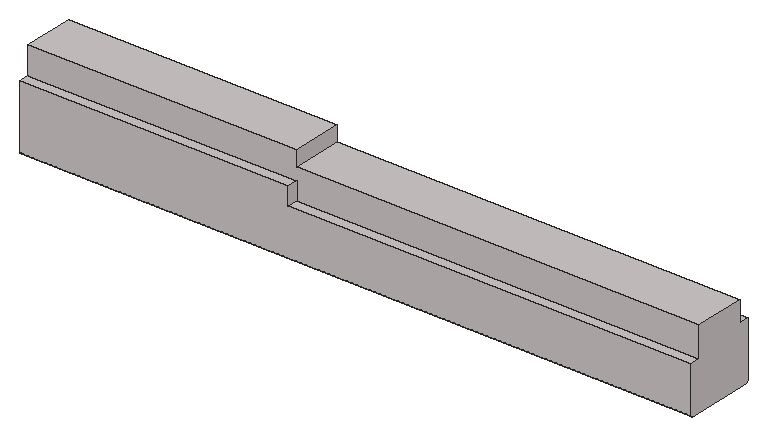
Revit family "034100 - Precast Structural Concrete - Inverted Tee - Stepped Beam", category Structural Framing, Revit 2019
Family settings
  Display in Hidden Views = Edges Hidden by Other Members
  Structural Framing Length Roundoff = 0' - 0 1/16"
  Section Shape = Not Defined
  Material for Model Behavior = Precast Concrete
  Always export as geometry = No
  Always vertical = Yes
  Cut with Voids When Loaded = No
  Symbolic Representation = From Family
  Shared = No
  Show family pre-cut in plan views = Yes
Parameters (values of type "IT 28WX32D / IT28WX38D (11"F & 14"B SHELF)")
  tall beam - depth = 3' - 1"
  short beam - depth = 2' - 7"
  shelf - tall beam - front shelf = 0' - 11"
  shelf - tall beam - back shelf = 1' - 2"
  shelf - short beam - front shelf = 1' - 0"
  shelf - short beam - back shelf = 0' - 8"
  gap - front/back = 0' - 1"
  Structural Material [instance] = PRECAST INVERTED TEE
  Shelf Width - Front = 0' - 4"
  Shelf Width - Back = 0' - 4"
  OD_Attribution = "xcengineering.xyz, diocingenieria.com, openingdesign.com"
  Long. B Zone [instance] = 13' - 2 1/2"
  BeamChange [instance] = 8' - 0"  # constant formula
  Beam Width = 2' - 4"
  Assembly Code = ""
  Length [instance] = 22' - 8.04912"
Types (5): name | short beam - depth | shelf - tall beam - back shelf | shelf - short beam - front shelf | shelf - short beam - back shelf | Beam Width
  IT 28WX32D / IT28WX38D (11"F & 11"B SHELF) | 2' - 7" | 0' - 11" | 1' - 0" | 1' - 0" | 2' - 4"
  IT 24WX32D / IT24WX38D (11"F & 15"B SHELF) | 2' - 7" | 1' - 2" | 1' - 0" | 0' - 8" | 2' - 0"
  IT 24WX32D / IT24WX38D (11"F & 11"B SHELF) | 2' - 7" | 0' - 11" | 1' - 0" | 1' - 0" | 2' - 0"
  IT 24WX36D (x"F & x"B SHELF) | 3' - 1" | 0' - 11" | 0' - 11" | 1' - 6" | 2' - 4"
  IT 28WX32D / IT28WX38D (11"F & 14"B SHELF) | 2' - 7" | 1' - 2" | 1' - 0" | 0' - 8" | 2' - 4"
Reference planes (in)
  plane 1 "Centro (Frontal/Posterior)": y = 0
  plane 2: z = 0
  plane 3 "Centro (Izquierda/Derecha)": x = 0
  plane 4 "Izquierda de elemento": x = -249.7979
  plane 5 "Derecha de elemento": x = 14.37671
  plane 6 "Izquierda": x = -253.73491
  plane 7 "Derecha": x = 18.31421
  plane 8: y = -14
  plane 9: y = 14
  plane 10: z = -18.5
  plane 11: y = -10
  plane 12: y = 10
  plane 13: z = -17.7126
  plane 14: y = -13.2126
  plane 15: y = 13.2126
  plane 16: x = -144.12329
  plane 17 "t.o. tall beam": z = 18.5
  plane 18 "shelf - tall beam - front shelf": z = 7.5
  plane 19 "shelf - tall beam - back shelf": z = 4.5
  plane 20 "shelf - short beam - front shelf": z = 0.5
  plane 21 "shelf - short beam - back shelf": z = 4.5
  plane 22 "t.o. short beam": z = 12.5
  plane 23: y = -15
  plane 24: y = 15
Forms (in)
  Sweep 1, solid, material "PRECAST INVERTED TEE" <- "Structural Material"
    path origin (0, 14.72441, 0) x (1, 0, 0) y (0, 1, 0)
      loop
        line (-249.7979, -14.72441) -> (-144.12329, -14.72441)
    profile origin (-196.96059, 0, 0) x (0, 1, 0) y (0, 0, 1)
      loop
        line (-10, 18.5) -> (-10, 7.5) -> (-14, 7.5) -> (-14, -17.7126) -> (-13.2126, -18.5) -> (13.2126, -18.5) -> (14, -17.7126) -> (14, 4.5) -> (10, 4.5) -> (10, 18.5) -> (-10, 18.5)
  Sweep 2, solid, material "PRECAST INVERTED TEE" <- "Structural Material"
    path origin (0, 0, 0) x (1, 0, 0) y (0, 1, 0)
      loop
        line (-144.12329, 0) -> (14.37671, 0)
    profile origin (-64.87329, 0, 0) x (0, 1, 0) y (0, 0, 1)
      loop
        line (-13.2126, -18.5) -> (13.2126, -18.5) -> (14, -17.7126) -> (14, 4.5) -> (10, 4.5) -> (10, 12.5) -> (-10, 12.5) -> (-10, 0.5) -> (-14, 0.5) -> (-14, -17.7126) -> (-13.2126, -18.5)
Cuts and joins
  joined: Sweep 1, Sweep 2
Dimensions and locks (in)
  "Length": plane 6 "Izquierda" to plane 7 "Derecha"
  locked: level to plane 2 at 0
  equal spacing: plane 9, plane 1 "Centro (Frontal/Posterior)", plane 8
  "Beam Width": plane 9 to plane 8
  level to plane 10 = 1' - 6 1/2"
  "Shelf Width - Front": plane 8 to plane 11
  "Shelf Width - Back": plane 12 to plane 9
  locked: plane 13 to plane 10 at 0.7874
  locked: plane 8 to plane 14 at 0.7874
  locked: plane 15 to plane 9 at 0.7874
  "Long. B Zone": plane 16 to plane 5 "Derecha de elemento"
  cut or joined group of Sweep 1, Sweep 2 to plane 10 = 1' - 11"
  "tall beam - depth": plane 17 "t.o. tall beam" to plane 10
  equal spacing: plane 17 "t.o. tall beam", level, plane 10
  "shelf - tall beam - back shelf": plane 17 "t.o. tall beam" to plane 19 "shelf - tall beam - back shelf"
  "shelf - tall beam - front shelf": plane 17 "t.o. tall beam" to plane 18 "shelf - tall beam - front shelf"
  "short beam - depth": plane 22 "t.o. short beam" to plane 10
  "shelf - short beam - front shelf": plane 22 "t.o. short beam" to plane 20 "shelf - short beam - front shelf"
  "shelf - short beam - back shelf": plane 22 "t.o. short beam" to plane 21 "shelf - short beam - back shelf"
  "gap - front/back": plane 9 to plane 24
  "gap - front/back": plane 23 to plane 8
  aligned and locked: Sweep 1 sketch curve to plane 1 "Centro (Frontal/Posterior)"
  aligned and locked: plane 4 "Izquierda de elemento" to Sweep 1 sketch curve
  aligned and locked: plane 11 to Sweep 1 sketch curve
  aligned and locked: Sweep 1 sketch curve to plane 12
  aligned and locked: Sweep 1 sketch curve to plane 8
  aligned and locked: plane 9 to Sweep 1 sketch curve
  aligned and locked: plane 10 to Sweep 1 sketch curve
  aligned and locked: Sweep 1 sketch curve to Sweep 1 sketch curve  (x2)
  aligned and locked: plane 13 to Sweep 1 sketch curve
  aligned and locked: plane 16 to Sweep 1 sketch curve
  aligned and locked: plane 16 to Sweep 2 sketch curve
  aligned and locked: plane 5 "Derecha de elemento" to Sweep 2 sketch curve
  aligned and locked: plane 8 to Sweep 2 sketch curve
  aligned and locked: Sweep 2 sketch curve to plane 9
  aligned and locked: Sweep 2 sketch curve to plane 10
  aligned and locked: cut or joined group of Sweep 1, Sweep 2 to plane 11  (x2)
  aligned and locked: plane 12 to cut or joined group of Sweep 1, Sweep 2  (x2)
  aligned and locked: cut or joined group of Sweep 1, Sweep 2 to plane 9
  aligned and locked: plane 8 to cut or joined group of Sweep 1, Sweep 2
  aligned and locked: cut or joined group of Sweep 1, Sweep 2 to plane 10
  aligned and locked: Sweep 2 sketch curve to plane 11
  aligned and locked: plane 12 to Sweep 2 sketch curve
  aligned and locked: Sweep 1 sketch curve to plane 17 "t.o. tall beam"
  aligned and locked: Sweep 1 sketch curve to plane 19 "shelf - tall beam - back shelf"
  aligned and locked: Sweep 1 sketch curve to plane 18 "shelf - tall beam - front shelf"
  aligned and locked: plane 22 "t.o. short beam" to Sweep 2 sketch curve
  aligned and locked: plane 21 "shelf - short beam - back shelf" to Sweep 2 sketch curve
  aligned and locked: plane 20 "shelf - short beam - front shelf" to Sweep 2 sketch curve
Automatic sketch dimensions
  Sweep 1 sketch curve to plane 14 = 0' - 0"
  Sweep 1 sketch curve to plane 15 = 0' - 0"
  Sweep 1 sketch curve to plane 13 = 0' - 0"
  plane 15 to Sweep 1 sketch curve = 0' - 3.2126"
  plane 1 "Centro (Frontal/Posterior)" to Sweep 2 sketch curve = 0' - 0"
  Sweep 2 sketch curve to Sweep 2 sketch curve = 0' - 0.7874"  (x4)
